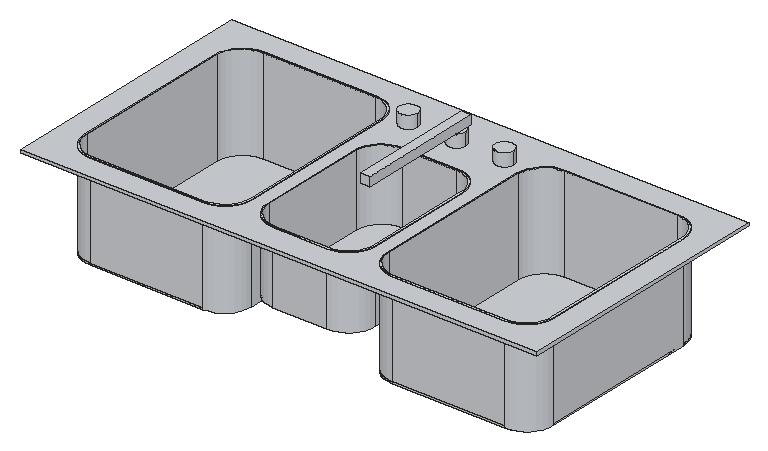
Revit family "6adad5516e124d348c77b7abc658f11b", category Plumbing Fixtures, host Face, Revit 2021
Family settings
  Host = Face
  Round Connector Dimension = Use Radius
  Part Type = Normal
  OmniClass Number = 23.45.05.14.14
  OmniClass Title = Sinks/Lavatories
  Seek Item ID = Sink - Kitchen - Triple-0000-USA-ENU
  Cut with Voids When Loaded = No
  Shared = No
  Room Calculation Point = No
Parameters (values of type "43"x22" - Public")
  WFU = 2
  Thickness = 0' - 0 1/8"
  Sink Width = 1' - 10"
  Sink Material = none
  Sink Length = 3' - 7"
  Sink Depth = 0' - 8"
  Sanitary Radius = 3/4"
  Sanitary Diameter = Sanitary Radius * 2  # 1 1/2"
  Hot Water Radius = 1/4"
  Hot Water Diameter = Hot Water Radius * 2  # 1/2"
  Half Sink Length = Sink Length / 2  # 1' - 9 1/2"
  HWFU = 3
  Flow Pressure [instance] = 8.00 psi
  Faucet Material = none
  Default Elevation = 0' - 0"
  Cold Water Radius = 1/4"
  Cold Water Diameter = Cold Water Radius * 2  # 1/2"
  CWFU = 3
Types (3): name | HWFU | CWFU
  (no name) | 3 | 3
  43"x22" - Private | 1 | 1
  43"x22" - Public | 3 | 3
Reference planes (in)
  plane 1 "Center (Front/Back)": y = 0
  plane 2: z = 0
  plane 3 "Center (Left/Right)": x = 0
  plane 4: z = 0.25
  plane 5: z = 1.25
  plane 6: z = 2
  plane 7: z = -7.75
  plane 8: z = -7.625
  plane 9: z = -5.75
  plane 10: z = -5.625
  plane 11: y = -22
  plane 12: y = -2
  plane 13: y = -11
  plane 14: y = -20
  plane 15: y = -6.25
  plane 16: y = -19.75
  plane 17: y = -3.5
  plane 18: y = -2.5
  plane 19: y = -13
  plane 20: y = -13
  plane 21: x = -21.5
  plane 22: x = 21.5
  plane 23: x = -19.5
  plane 24: x = 19.5
  plane 25: x = -4.5
  plane 26: x = 4.5
  plane 27: x = -5.625
  plane 28: x = 5.625
  plane 29: x = -4
  plane 30: x = 4
  plane 31: x = -0.375
  plane 32: x = 0.375
  plane 33: x = -12.5625
  plane 34: x = 12.5625
  plane 35: y = -17.75
  plane 36: x = 17.25
  plane 37: x = 7.875
  plane 38: x = -7.875
  plane 39: x = -17.25
  plane 40: x = -2.25
  plane 41: x = 2.25
  plane 42: y = -8.5
  plane 43: y = -17.5
  plane 44: y = -4.25
Forms (in)
  Extrusion 1, solid, material <- "Sink Material"
    sketch origin (0, 0, 0) x (1, 0, 0) y (0, 1, 0)
      loop
        line (-19.5, -4.25) -> (-19.5, -17.75)
        arc (-19.5, -17.75) -> (-18.84099, -19.34099) -> (-17.25, -20) r 2.25
        line (-17.25, -20) -> (-7.875, -20)
        arc (-7.875, -20) -> (-6.28401, -19.34099) -> (-5.625, -17.75) r 2.25
        line (-5.625, -17.75) -> (-5.625, -4.25)
        arc (-5.625, -4.25) -> (-6.28401, -2.65901) -> (-7.875, -2) r 2.25
        line (-7.875, -2) -> (-17.25, -2)
        arc (-17.25, -2) -> (-18.84099, -2.65901) -> (-19.5, -4.25) r 2.25
      loop
        line (5.625, -4.25) -> (5.625, -17.75)
        arc (5.625, -17.75) -> (6.28401, -19.34099) -> (7.875, -20) r 2.25
        line (7.875, -20) -> (17.25, -20)
        arc (17.25, -20) -> (18.84099, -19.34099) -> (19.5, -17.75) r 2.25
        line (19.5, -17.75) -> (19.5, -4.25)
        arc (19.5, -4.25) -> (18.84099, -2.65901) -> (17.25, -2) r 2.25
        line (17.25, -2) -> (7.875, -2)
        arc (7.875, -2) -> (6.28401, -2.65901) -> (5.625, -4.25) r 2.25
      loop
        line (-7.875, -2.125) -> (-17.25, -2.125)
        arc (-17.25, -2.125) -> (-18.7526, -2.7474) -> (-19.375, -4.25) r 2.125
        line (-19.375, -4.25) -> (-19.375, -17.75)
        arc (-19.375, -17.75) -> (-18.7526, -19.2526) -> (-17.25, -19.875) r 2.125
        line (-17.25, -19.875) -> (-7.875, -19.875)
        arc (-7.875, -19.875) -> (-6.3724, -19.2526) -> (-5.75, -17.75) r 2.125
        line (-5.75, -17.75) -> (-5.75, -4.25)
        arc (-5.75, -4.25) -> (-6.3724, -2.7474) -> (-7.875, -2.125) r 2.125
      loop
        arc (7.875, -2.125) -> (6.3724, -2.7474) -> (5.75, -4.25) r 2.125
        line (5.75, -4.25) -> (5.75, -17.75)
        arc (5.75, -17.75) -> (6.3724, -19.2526) -> (7.875, -19.875) r 2.125
        line (7.875, -19.875) -> (17.25, -19.875)
        arc (17.25, -19.875) -> (18.7526, -19.2526) -> (19.375, -17.75) r 2.125
        line (19.375, -17.75) -> (19.375, -4.25)
        arc (19.375, -4.25) -> (18.7526, -2.7474) -> (17.25, -2.125) r 2.125
        line (17.25, -2.125) -> (7.875, -2.125)
    from -7.75 to 0.25
  Extrusion 2, solid, material <- "Sink Material"
    sketch origin (0, 0, 0) x (1, 0, 0) y (0, 1, 0)
      loop
        line (-4.5, -8.5) -> (-4.5, -17.5)
        arc (-4.5, -17.5) -> (-3.84099, -19.09099) -> (-2.25, -19.75) r 2.25
        line (-2.25, -19.75) -> (2.25, -19.75)
        arc (2.25, -19.75) -> (3.84099, -19.09099) -> (4.5, -17.5) r 2.25
        line (4.5, -17.5) -> (4.5, -8.5)
        arc (4.5, -8.5) -> (3.84099, -6.90901) -> (2.25, -6.25) r 2.25
        line (2.25, -6.25) -> (-2.25, -6.25)
        arc (-2.25, -6.25) -> (-3.84099, -6.90901) -> (-4.5, -8.5) r 2.25
      loop
        line (2.25, -6.375) -> (-2.25, -6.375)
        arc (-2.25, -6.375) -> (-3.7526, -6.9974) -> (-4.375, -8.5) r 2.125
        line (-4.375, -8.5) -> (-4.375, -17.5)
        arc (-4.375, -17.5) -> (-3.7526, -19.0026) -> (-2.25, -19.625) r 2.125
        line (-2.25, -19.625) -> (2.25, -19.625)
        arc (2.25, -19.625) -> (3.7526, -19.0026) -> (4.375, -17.5) r 2.125
        line (4.375, -17.5) -> (4.375, -8.5)
        arc (4.375, -8.5) -> (3.7526, -6.9974) -> (2.25, -6.375) r 2.125
    from -5.75 to 0.25
  Extrusion 3, solid, material <- "Sink Material"
    sketch origin (0, 0, 0) x (1, 0, 0) y (0, 1, 0)
      loop
        line (-7.875, -2) -> (-17.25, -2)
        arc (-17.25, -2) -> (-18.84099, -2.65901) -> (-19.5, -4.25) r 2.25
        line (-19.5, -4.25) -> (-19.5, -17.75)
        arc (-19.5, -17.75) -> (-18.84099, -19.34099) -> (-17.25, -20) r 2.25
        line (-17.25, -20) -> (-7.875, -20)
        arc (-7.875, -20) -> (-6.28401, -19.34099) -> (-5.625, -17.75) r 2.25
        line (-5.625, -17.75) -> (-5.625, -4.25)
        arc (-5.625, -4.25) -> (-6.28401, -2.65901) -> (-7.875, -2) r 2.25
      loop
        line (17.25, -2) -> (7.875, -2)
        arc (7.875, -2) -> (6.28401, -2.65901) -> (5.625, -4.25) r 2.25
        line (5.625, -4.25) -> (5.625, -17.75)
        arc (5.625, -17.75) -> (6.28401, -19.34099) -> (7.875, -20) r 2.25
        line (7.875, -20) -> (17.25, -20)
        arc (17.25, -20) -> (18.84099, -19.34099) -> (19.5, -17.75) r 2.25
        line (19.5, -17.75) -> (19.5, -4.25)
        arc (19.5, -4.25) -> (18.84099, -2.65901) -> (17.25, -2) r 2.25
      loop
        circle (-12.5625, -11) r 1.25
      loop
        circle (12.5625, -11) r 1.25
    from -7.75 to -7.625
  Extrusion 4, solid, material <- "Sink Material"
    sketch origin (0, 0, 0) x (1, 0, 0) y (0, 1, 0)
      loop
        line (2.25, -6.25) -> (-2.25, -6.25)
        arc (-2.25, -6.25) -> (-3.84099, -6.90901) -> (-4.5, -8.5) r 2.25
        line (-4.5, -8.5) -> (-4.5, -17.5)
        arc (-4.5, -17.5) -> (-3.84099, -19.09099) -> (-2.25, -19.75) r 2.25
        line (-2.25, -19.75) -> (2.25, -19.75)
        arc (2.25, -19.75) -> (3.84099, -19.09099) -> (4.5, -17.5) r 2.25
        line (4.5, -17.5) -> (4.5, -8.5)
        arc (4.5, -8.5) -> (3.84099, -6.90901) -> (2.25, -6.25) r 2.25
      loop
        circle (0, -13) r 1.25
    from -5.75 to -5.625
  Extrusion 5, solid, material <- "Sink Material"
    sketch origin (0, 0, 0) x (1, 0, 0) y (0, 1, 0)
      loop
        line (-21.5, 0) -> (-21.5, -22) -> (21.5, -22) -> (21.5, 0) -> (-21.5, 0)
      loop
        arc (-17.25, -2) -> (-18.84099, -2.65901) -> (-19.5, -4.25) r 2.25
        line (-19.5, -4.25) -> (-19.5, -17.75)
        arc (-19.5, -17.75) -> (-18.84099, -19.34099) -> (-17.25, -20) r 2.25
        line (-17.25, -20) -> (-7.875, -20)
        arc (-7.875, -20) -> (-6.28401, -19.34099) -> (-5.625, -17.75) r 2.25
        line (-5.625, -17.75) -> (-5.625, -4.25)
        arc (-5.625, -4.25) -> (-6.28401, -2.65901) -> (-7.875, -2) r 2.25
        line (-7.875, -2) -> (-17.25, -2)
      loop
        line (2.25, -6.25) -> (-2.25, -6.25)
        arc (-2.25, -6.25) -> (-3.84099, -6.90901) -> (-4.5, -8.5) r 2.25
        line (-4.5, -8.5) -> (-4.5, -17.5)
        arc (-4.5, -17.5) -> (-3.84099, -19.09099) -> (-2.25, -19.75) r 2.25
        line (-2.25, -19.75) -> (2.25, -19.75)
        arc (2.25, -19.75) -> (3.84099, -19.09099) -> (4.5, -17.5) r 2.25
        line (4.5, -17.5) -> (4.5, -8.5)
        arc (4.5, -8.5) -> (3.84099, -6.90901) -> (2.25, -6.25) r 2.25
      loop
        line (5.625, -4.25) -> (5.625, -17.75)
        arc (5.625, -17.75) -> (6.28401, -19.34099) -> (7.875, -20) r 2.25
        line (7.875, -20) -> (17.25, -20)
        arc (17.25, -20) -> (18.84099, -19.34099) -> (19.5, -17.75) r 2.25
        line (19.5, -17.75) -> (19.5, -4.25)
        arc (19.5, -4.25) -> (18.84099, -2.65901) -> (17.25, -2) r 2.25
        line (17.25, -2) -> (7.875, -2)
        arc (7.875, -2) -> (6.28401, -2.65901) -> (5.625, -4.25) r 2.25
    from 0 to 0.25
  Extrusion 6, solid, material <- "Sink Material"
    sketch origin (0, 0, 0) x (1, 0, 0) y (0, 1, 0)
      loop
        circle (-12.5625, -11) r 1.25
      loop
        circle (12.5625, -11) r 1.25
    from -7.75 to -7.625
  Extrusion 7, solid, material <- "Sink Material"
    sketch origin (0, 0, 0) x (1, 0, 0) y (0, 1, 0)
      loop
        circle (0, -13) r 1.25
    from -5.75 to -5.625
  Extrusion 8, solid, material <- "Faucet Material", detail levels fine
    sketch origin (0, 0, 0) x (1, 0, 0) y (0, 1, 0)
      loop
        circle (-4, -3.5) r 0.75
      loop
        circle (0, -3.5) r 0.75
      loop
        circle (4, -3.5) r 0.75
    from 0 to 1.25
  Extrusion 9, solid, material <- "Faucet Material", detail levels fine
    sketch origin (0, 0, 0) x (1, 0, 0) y (0, 1, 0)
      loop
        line (-0.375, -2.5) -> (-0.375, -13) -> (0.375, -13) -> (0.375, -2.5) -> (-0.375, -2.5)
    from 1.25 to 2
Dimensions and locks (in)
  locked: plane 4 to plane 2 at 0.25
  locked: plane 5 to plane 4 at 1
  locked: plane 6 to plane 5 at 0.75
  "Sink Depth": plane 4 to plane 7
  locked: plane 8 to plane 7 at 0.125
  locked: plane 9 to plane 7 at 2
  "Sink Width": plane 11 to plane 1 "Center (Front/Back)"
  locked: plane 12 to plane 1 "Center (Front/Back)" at 2
  equal spacing: plane 12, plane 13, plane 14
  locked: plane 14 to plane 11 at 2
  locked: plane 15 to plane 1 "Center (Front/Back)" at 6.25
  locked: plane 16 to plane 11 at 2.25
  locked: plane 17 to plane 1 "Center (Front/Back)" at 3.5
  locked: plane 18 to plane 1 "Center (Front/Back)" at 2.5
  equal spacing: plane 16, plane 19, plane 15
  locked: plane 18 to plane 20 at 10.5
  "Half Sink Length": plane 21 to plane 3 "Center (Left/Right)"
  "Half Sink Length": plane 3 "Center (Left/Right)" to plane 22
  locked: plane 21 to plane 23 at 2
  locked: plane 24 to plane 22 at 2
  locked: plane 25 to plane 3 "Center (Left/Right)" at 4.5
  locked: plane 3 "Center (Left/Right)" to plane 26 at 4.5
  locked: plane 27 to plane 25 at 1.125
  locked: plane 26 to plane 28 at 1.125
  locked: plane 29 to plane 3 "Center (Left/Right)" at 4
  locked: plane 3 "Center (Left/Right)" to plane 30 at 4
  locked: plane 31 to plane 3 "Center (Left/Right)" at 0.375
  locked: plane 3 "Center (Left/Right)" to plane 32 at 0.375
  equal spacing: plane 23, plane 33, plane 27
  equal spacing: plane 28, plane 34, plane 24
  locked: plane 23 to plane 39 at 2.25
  locked: plane 38 to plane 27 at 2.25
  locked: plane 28 to plane 37 at 2.25
  locked: plane 36 to plane 24 at 2.25
  locked: plane 25 to plane 40 at 2.25
  locked: plane 41 to plane 26 at 2.25
  locked: plane 35 to plane 14 at 2.25
  locked: plane 12 to plane 44 at 2.25
  locked: plane 42 to plane 15 at 2.25
  locked: plane 43 to plane 16 at 2.25
  "Thickness": Extrusion 1 sketch curve to Extrusion 1 sketch curve  (x8)
  "Thickness": Extrusion 2 sketch curve to Extrusion 2 sketch curve  (x4)
  locked: plane 10 to plane 9 at 0.125
  radius of Extrusion 1 sketch curve = 0' - 2 1/4"  (x8)
  radius of Extrusion 2 sketch curve = 0' - 2 1/4"  (x4)
  radius of Extrusion 3 sketch curve = 0' - 1 1/4"  (x2)
  radius of Extrusion 4 sketch curve = 0' - 1 1/4"
  radius of Extrusion 6 sketch curve = 0' - 1 1/4"  (x2)
  radius of Extrusion 7 sketch curve = 0' - 1 1/4"
  radius of Extrusion 8 sketch curve = 0' - 0 3/4"  (x3)
  aligned and locked: plane 2 to host face
  aligned and locked: level to host face
  aligned and locked: plane 23 to Extrusion 1 sketch curve
  aligned and locked: plane 38 to Extrusion 1 sketch curve  (x2)
  aligned and locked: plane 27 to Extrusion 1 sketch curve
  aligned and locked: plane 39 to Extrusion 1 sketch curve  (x3)
  aligned and locked: plane 44 to Extrusion 1 sketch curve  (x6)
  aligned and locked: plane 35 to Extrusion 1 sketch curve  (x6)
  aligned and locked: Extrusion 1 sketch curve to plane 27
  aligned and locked: Extrusion 1 sketch curve to plane 14  (x2)
  aligned and locked: Extrusion 1 sketch curve to plane 12  (x2)
  aligned and locked: plane 24 to Extrusion 1 sketch curve
  aligned and locked: plane 37 to Extrusion 1 sketch curve  (x4)
  aligned and locked: plane 36 to Extrusion 1 sketch curve  (x3)
  aligned and locked: plane 15 to Extrusion 2 sketch curve  (x2)
  aligned and locked: plane 40 to Extrusion 2 sketch curve  (x3)
  aligned and locked: plane 43 to Extrusion 2 sketch curve  (x3)
  aligned and locked: plane 41 to Extrusion 2 sketch curve  (x4)
  aligned and locked: plane 42 to Extrusion 2 sketch curve  (x2)
  aligned and locked: Extrusion 2 sketch curve to plane 25
  aligned and locked: Extrusion 2 sketch curve to plane 16
  aligned and locked: Extrusion 1 to plane 7
  aligned and locked: plane 4 to Extrusion 1
  aligned and locked: Extrusion 2 to plane 9
  aligned and locked: plane 4 to Extrusion 2
  aligned and locked: plane 12 to Extrusion 3 sketch curve  (x2)
  aligned and locked: plane 27 to Extrusion 3 sketch curve
  aligned and locked: Extrusion 3 sketch curve to plane 14  (x2)
  aligned and locked: Extrusion 3 sketch curve to plane 23
  aligned and locked: Extrusion 3 sketch curve to plane 24
  aligned and locked: plane 28 to Extrusion 3 sketch curve
  aligned and locked: plane 13 to Extrusion 3 sketch curve  (x2)
  aligned and locked: plane 33 to Extrusion 3 sketch curve
  aligned and locked: plane 34 to Extrusion 3 sketch curve
  aligned and locked: Extrusion 3 to plane 7
  aligned and locked: plane 8 to Extrusion 3
  aligned and locked: Extrusion 4 sketch curve to plane 26
  aligned and locked: Extrusion 4 sketch curve to plane 16
  aligned and locked: Extrusion 4 sketch curve to plane 25
  aligned and locked: Extrusion 4 sketch curve to plane 15
  aligned and locked: plane 3 "Center (Left/Right)" to Extrusion 4 sketch curve
  aligned and locked: Extrusion 4 to plane 9
  aligned and locked: plane 10 to Extrusion 4
  aligned and locked: plane 1 "Center (Front/Back)" to Extrusion 5 sketch curve
  aligned and locked: plane 11 to Extrusion 5 sketch curve
  aligned and locked: plane 21 to Extrusion 5 sketch curve
  aligned and locked: plane 22 to Extrusion 5 sketch curve
  aligned and locked: Extrusion 5 sketch curve to plane 23
  aligned and locked: plane 12 to Extrusion 5 sketch curve  (x2)
  aligned and locked: plane 27 to Extrusion 5 sketch curve
  aligned and locked: Extrusion 5 sketch curve to plane 14  (x2)
  aligned and locked: Extrusion 5 sketch curve to plane 24
  aligned and locked: plane 28 to Extrusion 5 sketch curve
  aligned and locked: Extrusion 5 to plane 2
  aligned and locked: plane 4 to Extrusion 5
  aligned and locked: plane 19 to Extrusion 4 sketch curve
  aligned and locked: plane 33 to Extrusion 6 sketch curve
  aligned and locked: plane 13 to Extrusion 6 sketch curve  (x2)
  aligned and locked: plane 34 to Extrusion 6 sketch curve
  aligned and locked: plane 3 "Center (Left/Right)" to Extrusion 7 sketch curve
  aligned and locked: plane 19 to Extrusion 7 sketch curve
  aligned and locked: Extrusion 6 to plane 7
  aligned and locked: plane 8 to Extrusion 6
  aligned and locked: Extrusion 7 to plane 9
  aligned and locked: plane 10 to Extrusion 7
  aligned and locked: plane 29 to Extrusion 8 sketch curve
  aligned and locked: plane 17 to Extrusion 8 sketch curve  (x3)
  aligned and locked: plane 3 "Center (Left/Right)" to Extrusion 8 sketch curve
  aligned and locked: plane 30 to Extrusion 8 sketch curve
  aligned and locked: plane 5 to Extrusion 8
  aligned and locked: Extrusion 8 to plane 2
  aligned and locked: plane 32 to Extrusion 9 sketch curve  (x2)
  aligned and locked: plane 18 to Extrusion 9 sketch curve  (x2)
  aligned and locked: plane 31 to Extrusion 9 sketch curve
  aligned and locked: plane 20 to Extrusion 9 sketch curve  (x2)
  aligned and locked: Extrusion 9 sketch curve to plane 31
  aligned and locked: Extrusion 9 to plane 5
  aligned and locked: plane 6 to Extrusion 9
Automatic sketch dimensions
  Extrusion 1 sketch curve to Extrusion 1 sketch curve = 0' - 0"  (x8)
  Extrusion 2 sketch curve to Extrusion 2 sketch curve = 0' - 0"  (x4)
  Extrusion 3 sketch curve to plane 35 = 0' - 0"  (x3)
  Extrusion 3 sketch curve to plane 39 = 0' - 0"
  Extrusion 3 sketch curve to plane 38 = 0' - 0"  (x2)
  Extrusion 3 sketch curve to plane 37 = 0' - 0"
  Extrusion 3 sketch curve to plane 36 = 0' - 0"
  Extrusion 4 sketch curve to plane 40 = 0' - 0"  (x2)
  Extrusion 4 sketch curve to plane 41 = 0' - 0"  (x2)
  Extrusion 5 sketch curve to plane 39 = 0' - 0"  (x2)
  Extrusion 5 sketch curve to plane 38 = 0' - 0"  (x2)
  Extrusion 5 sketch curve to plane 41 = 0' - 0"  (x2)
  Extrusion 5 sketch curve to plane 26 = 0' - 0"
  Extrusion 5 sketch curve to plane 42 = 0' - 0"
  Extrusion 5 sketch curve to plane 43 = 0' - 0"
  Extrusion 5 sketch curve to plane 25 = 0' - 0"
  Extrusion 5 sketch curve to plane 40 = 0' - 0"  (x2)
  Extrusion 5 sketch curve to plane 37 = 0' - 0"  (x2)
  Extrusion 5 sketch curve to plane 36 = 0' - 0"  (x2)
  host sketch curve to host sketch curve = 8' - 0 1/2"
  host sketch curve to host sketch curve = 7' - 7"
Connectors (in)
  piping at (4, -3.5, 0), diameter 0.5, driven by "CWFU", driven by "Flow Pressure", driven by "Cold Water Radius"
    settings: on Extrusion 8, index 1, connector inside diameter 1/2", connector length 0' - 0", flow factor 0, pipe flow 0 GPM, pressure drop 8.00 psi, fitting loss kfactor 0, connector angle 0.00°, fixture units 3, engagement length 0' - 0", angle of deflection 0.00°, flow configuration 3, flow direction 1, fitting loss method 4, system type 20, joint type 0, gender type 0, connector reference index -1, connector utility 0, adjustable connector no, is connector primary yes, connector description "In"
  piping at (-4, -3.5, 0), diameter 0.5, driven by "HWFU", driven by "Flow Pressure", driven by "Hot Water Radius"
    settings: on Extrusion 8, index 2, connector inside diameter 1/2", connector length 0' - 0", flow factor 0, pipe flow 0 GPM, pressure drop 8.00 psi, fitting loss kfactor 0, connector angle 0.00°, fixture units 3, engagement length 0' - 0", angle of deflection 0.00°, flow configuration 3, flow direction 1, fitting loss method 4, system type 19, joint type 0, gender type 0, connector reference index -1, connector utility 0, adjustable connector no, is connector primary no, connector description "In"
  piping at (12.5625, -11, -7.75), diameter 1.5, driven by "Sanitary Radius", driven by "WFU"
    settings: on Extrusion 3, index 3, connector inside diameter 1 1/2", connector length 0' - 0", flow factor 0, pipe flow 0 GPM, pressure drop 0.00 psi, fitting loss kfactor 0, connector angle 0.00°, fixture units 2, engagement length 0' - 0", angle of deflection 0.00°, flow configuration 3, flow direction 2, fitting loss method 0, system type 16, joint type 0, gender type 0, connector reference index -1, connector utility 0, adjustable connector no, is connector primary no, connector description "Out"
  piping at (0, -13, -5.75), diameter 1.5, driven by "Sanitary Radius", driven by "WFU"
    settings: on Extrusion 4, index 4, connector inside diameter 1 1/2", connector length 0' - 0", flow factor 0, pipe flow 0 GPM, pressure drop 0.00 psi, fitting loss kfactor 0, connector angle 0.00°, fixture units 2, engagement length 0' - 0", angle of deflection 0.00°, flow configuration 3, flow direction 2, fitting loss method 0, system type 16, joint type 0, gender type 0, connector reference index -1, connector utility 0, adjustable connector no, is connector primary no, connector description "Out"
  piping at (-12.5625, -11, -7.625), diameter 1.5, driven by "Sanitary Radius", driven by "WFU"
    settings: on Extrusion 3, index 5, connector inside diameter 1 1/2", connector length 0' - 0", flow factor 0, pipe flow 0 GPM, pressure drop 0.00 psi, fitting loss kfactor 0, connector angle 0.00°, fixture units 2, engagement length 0' - 0", angle of deflection 0.00°, flow configuration 3, flow direction 2, fitting loss method 0, system type 16, joint type 0, gender type 0, connector reference index -1, connector utility 0, adjustable connector no, is connector primary no, connector description "Out"
